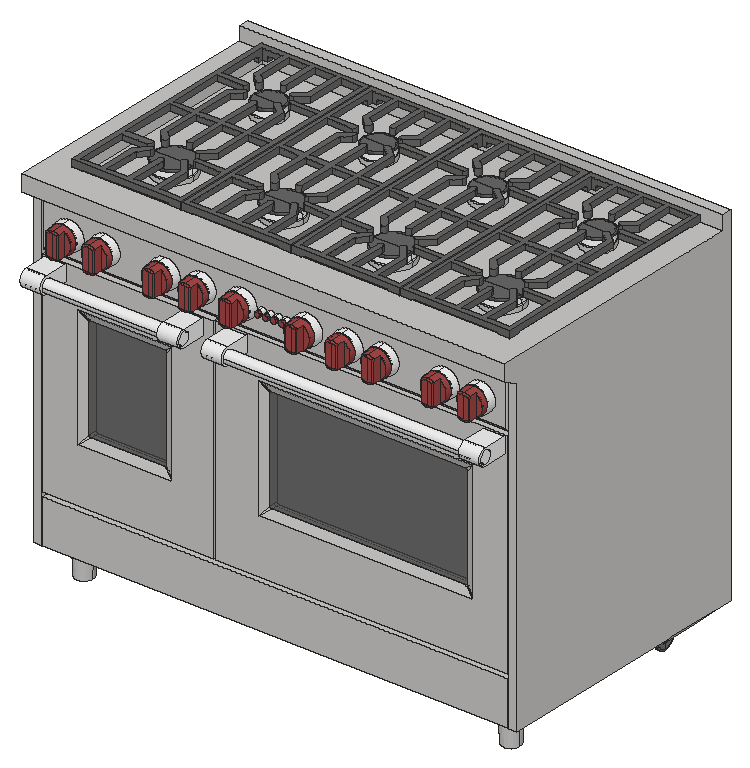
Revit family "M_Extensão-1200 mm", category Equipamento especial, Revit 2019 (continued)
Definition of nested family "M_Botão 2"
  Forms (mm)
    Revolve 1, solid, material <- "Recortar"
      sketch origin (0, 0, 0) x (0, 1, 0) y (0, 0, 1)
        loop
          line (0, 8.012) -> (-12.856, 6.727) -> (-12.856, 0) -> (0, 0) -> (0, 8.012)
        axis (0, 0) -> (-12.856, 0)
      angle from 0 to 360
    Extrusion 2, solid, material <- "Botão"
      sketch origin (0, 0, 0) x (1, 0, 0) y (0, 0, 1)
        loop
          circle (0, 0) r 6.727
      from 12.856 to 18.212
  Dimensions and locks
    radius of Extrusion 2 sketch curve = 6.727 mm
    aligned and locked: plane 2 to level
    aligned and locked: level to Revolve 1 sketch curve
    aligned and locked: Revolve 1 sketch curve to level
    aligned and locked: Extrusion 2 to Revolve 1
Definition of nested family "Anotação de legenda de 2,5"
  Parameters
    Legenda = "Congelador 36 LH"
  Reference planes
    plane 1: y = 0
    plane 2: x = 0
  Text (mm)
    label "Legenda" at (0.095, -0.088, 0), shows "Legenda"
Types (8, lengths in mm): name | Profundidade da grelha | Linear | Queimadores direitos centrais | Grelha central – Direita | Grelha central – Esquerda | Queimadores esquerdos centrais
  Queimadores | 590.55 | 699.988 | yes | M_Superfície do fogão : M_Queimadores | M_Superfície do fogão : M_Queimadores | yes
  Chapa/grelhador | 590.55 | 699.988 | no | M_Superfície do fogão : M_Grelhador | M_Superfície do fogão : M_Chapa | no
  Grelhador/chapa | 590.562 | 700 | no | M_Superfície do fogão : M_Chapa | M_Superfície do fogão : M_Grelhador | no
  Chapa dupla | 590.55 | 699.988 | no | M_Superfície do fogão : M_Chapa dupla – Direita | M_Superfície do fogão : M_Chapa dupla – Esquerda | no
  Chapa – Centro esquerda | 590.55 | 699.988 | yes | M_Superfície do fogão : M_Queimadores | M_Superfície do fogão : M_Chapa | no
  Chapa – Centro direita | 590.55 | 699.988 | no | M_Superfície do fogão : M_Chapa | M_Superfície do fogão : M_Queimadores | yes
  Grelhador – Centro esquerda | 590.55 | 699.988 | yes | M_Superfície do fogão : M_Queimadores | M_Superfície do fogão : M_Grelhador | no
  Grelhador – Centro direita | 590.55 | 699.988 | no | M_Superfície do fogão : M_Grelhador | M_Superfície do fogão : M_Queimadores | yes
